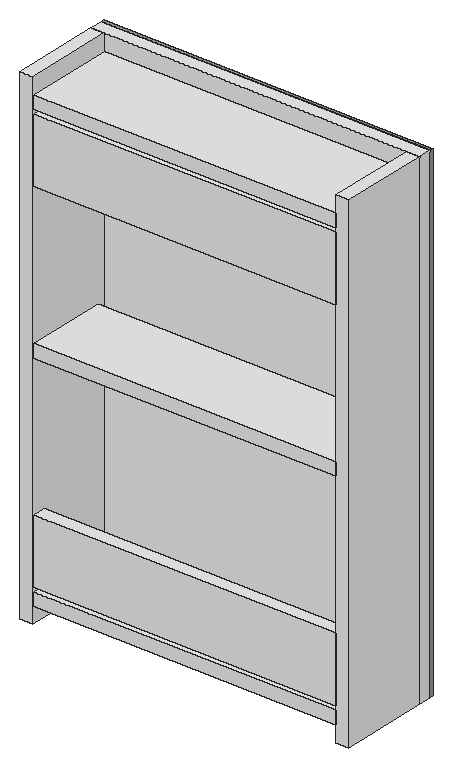
Revit family "Neon 400 Square Mirror Cabinet", category Casework, host Wall, Revit 2024
Family settings
  Host = Wall
  OmniClass Number = 23.40.35.00
  OmniClass Title = Casework
  Always vertical = Yes
  Cut with Voids When Loaded = No
  Shared = No
  Room Calculation Point = No
Parameters (values of type "Neon 400 Square Mirror Cabinet")
  URL = "https://www.lecicosa.co.za/product/neon-400-square-mirror-cabinet/"
  Technical Dimensions = "W405 x H605 x D130mm"
  Product Code = "MIRNEOSQU0400BS"
  Notes = "2 Shelves"
  Model = "Neon 400 Square Mirror Cabinet"
  Material = "MDF"
  Manufacturer = "Lecico SA"
  Default Elevation = 0 mm
  Created By = "Knowbility Skills Lab"
  Colour = "Matt White"
  Category = "Mirror Cabinets"
Reference planes
  plane 1: y = 0
  plane 2 "Center (Left/Right)": x = 125
  plane 3 "Back": y = 75
  plane 4: z = 1200
Text (mm)
  text "Placement side" at (-1493.551, 674.496, 0), in view "Ref. Level"
  text "Placement side" at (0, 1232.041, 2958.779), in view "Left"
  text "Placement side" at (0, 270.471, 3035.99), in view "Right"
Dimensions and locks
  locked: plane 3 "Back" to host wall
  aligned and locked: plane 1 to host wall
  aligned and locked: nested 1 to plane 2 "Center (Left/Right)"
  aligned and locked: host wall to nested 1
  aligned and locked: nested 1 to plane 4
Nested families
  nested 1: "Neon 400(Family)" at (169.7, 75, 1200) x (-1, 0, 0) z (0, 0, 1), type "Neon 400(Family)"
Definition of nested family "Neon 400(Family)"
  Parameters (values of type "Neon 400(Family)")
    Mirror = none
    Depth = 130 mm
    Height = 605 mm
    Width = 405 mm
    Default Elevation = 0 mm
    Cabinet = none
  Reference planes
    plane 1 "Back": y = 0
    plane 2: z = 0
    plane 3 "Center (Left/Right)": x = 44.7
    plane 4 "Front": y = -130
    plane 5 "Left": x = -157.8
    plane 6 "Right": x = 247.2
    plane 7 "Top": z = 605
  Forms (mm)
    Extrusion 1, solid, material <- "Cabinet"
      sketch origin (0, 0, 0) x (1, 0, 0) y (0, 1, 0)
        loop
          line (231.2, 0) -> (231.2, -110) -> (247.2, -110) -> (247.2, 0) -> (231.2, 0)
        loop
          line (-157.8, 0) -> (-157.8, -110) -> (-141.8, -110) -> (-141.8, 0) -> (-157.8, 0)
      from 0 to 605
    Extrusion 2, solid, material <- "Cabinet"
      sketch origin (44.7, 0, 0) x (0, 1, 0) y (0, 0, 1)
        loop
          line (0, 585) -> (-110, 585) -> (-110, 569) -> (0, 569) -> (0, 585)
        loop
          line (-110, 20) -> (0, 20) -> (0, 36) -> (-110, 36) -> (-110, 20)
        loop
          line (0, 310.5) -> (-100, 310.5) -> (-100, 294.5) -> (0, 294.5) -> (0, 310.5)
        loop
          line (0, 564) -> (-16, 564) -> (-16, 484) -> (0, 484) -> (0, 564)
        loop
          line (0, 121) -> (-16, 121) -> (-16, 41) -> (0, 41) -> (0, 121)
      from -186.5 to 186.5
    Extrusion 3, solid, material <- "Cabinet"
      sketch origin (44.7, 0, 0) x (0, 1, 0) y (0, 0, 1)
        loop
          line (-110, 605) -> (-126, 605) -> (-126, 0) -> (-110, 0) -> (-110, 605)
      from -202.5 to 202.5
    Extrusion 4, solid, material <- "Mirror"
      sketch origin (44.7, 0, 0) x (0, 1, 0) y (0, 0, 1)
        loop
          line (-126, 605) -> (-130, 605) -> (-130, 0) -> (-126, 0) -> (-126, 605)
      from -202.5 to 202.5
  Dimensions and locks
    "Width": plane 6 "Right" to plane 5 "Left"
    equal spacing: plane 6 "Right", plane 3 "Center (Left/Right)", plane 5 "Left"
    "Depth": plane 4 "Front" to plane 1 "Back"
    "Height": level to plane 7 "Top"
    aligned and locked: level to plane 2
    aligned and locked: Extrusion 2 to Extrusion 1  (x2)
    aligned and locked: Extrusion 3 to plane 5 "Left"
    aligned and locked: plane 6 "Right" to Extrusion 3
  Automatic sketch dimensions
    Extrusion 1 sketch curve to plane 5 "Left" = 0 mm
    plane 1 "Back" to Extrusion 1 sketch curve = 0 mm  (x2)
    Extrusion 1 sketch curve to plane 6 "Right" = 0 mm
    Extrusion 1 sketch curve to Extrusion 1 sketch curve = 16 mm
    Extrusion 1 sketch curve to plane 6 "Right" = 16 mm
    Extrusion 1 sketch curve to plane 4 "Front" = 20 mm  (x2)
    Extrusion 2 sketch curve to plane 1 "Back" = 0 mm  (x5)
    plane 1 "Back" to Extrusion 2 sketch curve = 16 mm
    Extrusion 2 sketch curve to Extrusion 2 sketch curve = 16 mm  (x4)
    Extrusion 2 sketch curve to plane 4 "Front" = 30 mm
    Extrusion 2 sketch curve to plane 4 "Front" = 20 mm  (x2)
    level to Extrusion 2 sketch curve = 20 mm
    Extrusion 2 sketch curve to Extrusion 2 sketch curve = 5 mm  (x2)
    Extrusion 2 sketch curve to Extrusion 2 sketch curve = 80 mm
    Extrusion 2 sketch curve to Extrusion 2 sketch curve = 173.5 mm
    plane 7 "Top" to Extrusion 2 sketch curve = 121 mm
    plane 7 "Top" to Extrusion 2 sketch curve = 41 mm
    Extrusion 3 sketch curve to plane 4 "Front" = 4 mm
    Extrusion 3 sketch curve to level = 0 mm
    plane 7 "Top" to Extrusion 3 sketch curve = 0 mm
    Extrusion 3 sketch curve to Extrusion 3 sketch curve = 16 mm
    Extrusion 4 sketch curve to plane 4 "Front" = 0 mm
    Extrusion 4 sketch curve to level = 0 mm
    plane 7 "Top" to Extrusion 4 sketch curve = 0 mm
    Extrusion 4 sketch curve to Extrusion 4 sketch curve = 4 mm
